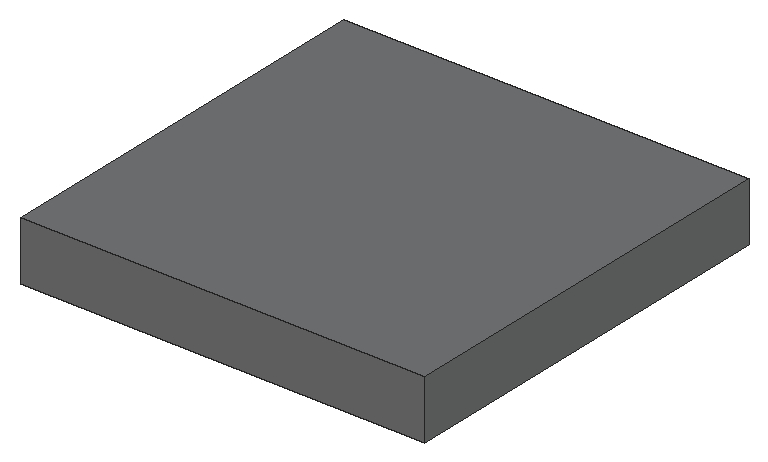
Revit family "Gira_028528", category Electrical Fixtures, host Face, Revit 2017
Family settings
  Host = Face
  Maintain Annotation Orientation = No
  Round Connector Dimension = Use Diameter
  Part Type = Normal
  Cut with Voids When Loaded = No
  Shared = No
  Room Calculation Point = No
Parameters (values of type "Rocker sym.light System 55 anthra.")
  With exchangeable lens/symbol = "No"
  URL = "http://katalog.gira.de/en/datenblatt.html?artikelnr=028528"
  Suitable for touch sensor connector for bus system = "No"
  Scannable symbol / barrier free = "No"
  Name = "Rocker sym.light System 55 anthra."
  Monitoring window/light outlet = "No"
  Model = "Single rocker"
  Manufacturer URL = "https://www.gira.de/"
  Manufacturer = "Gira"
  Keynote = ""
  HeinzeBIM = "https://bimportal.heinze.de/bim/rocker-sym-light-system-55-anthra-/a5a41d2bfbbfeb70343818744da5cbe27374b8bc"
  HAN = "028528"
  GTIN = "4010337285281"
  Description = "Rock.sym.light Sys55 AN,Rocker with symbol,Light,anthracite,"
  Default Elevation = 1219.2 mm
  Data sheet (1) = "https://katalog.gira.de/en/download.html?artikelnr=028528"
  Category = "Control element/cover plate for domestic switching devices"
  BIM (1) = "https://media.stage.bim.site/public/gira/36a6b08/Sys55_Abdeckung_Schalten und Tasten.rfa?public/gira/36a6b08/Sys55_Abdeckung_Schalten und Tasten.rfa"
  Available = "No"
  Anthrazit [instance] = Anthrazit
Reference planes
  plane 1 "Center (Front/Back)": y = 0
  plane 2: z = 0
  plane 3 "Center (Left/Right)": x = 0
Forms (mm)
  Extrusion 1, solid, material "Anthrazit" <- "Anthrazit", detail levels fine
    sketch origin (0, 0, 0) x (1, 0, 0) y (0, 1, 0)
      loop
        line (-27.5, 27.5) -> (-27.5, -27.5) -> (27.5, -27.5) -> (27.5, 27.5) -> (-27.5, 27.5)
    from 0 to 8
  Extrusion 2, void
    sketch origin (0, 0, 0) x (1, 0, 0) y (0, 1, 0)
      loop
        line (26, 26) -> (-26, 26) -> (-26, -26) -> (26, -26) -> (26, 26)
    from 0 to 6
  Extrusion 3, solid, material "Anthrazit" <- "Anthrazit", detail levels medium
    sketch origin (0, 0, 0) x (1, 0, 0) y (0, 1, 0)
      loop
        line (-27.5, 27.5) -> (-27.5, -27.5) -> (27.5, -27.5) -> (27.5, 27.5) -> (-27.5, 27.5)
    from 0 to 8
  Extrusion 4, solid, material "Anthrazit" <- "Anthrazit", detail levels medium
    sketch origin (0, 0, 0) x (1, 0, 0) y (0, 1, 0)
      loop
        line (11, -17.5) -> (11, 17.5) -> (-11, 17.5) -> (-11, -17.5) -> (11, -17.5)
    from -6 to 6
  Extrusion 5, solid, material "Anthrazit" <- "Anthrazit", detail levels fine
    sketch origin (0, 0, 0) x (1, 0, 0) y (0, 1, 0)
      loop
        line (11, 17.5) -> (-11, 17.5) -> (-11, 16.5) -> (11, 16.5) -> (11, 17.5)
      loop
        line (-11, -16.5) -> (-11, -17.5) -> (11, -17.5) -> (11, -16.5) -> (-11, -16.5)
    from -4 to 6
  Extrusion 6, solid, material "Anthrazit" <- "Anthrazit", detail levels fine
    sketch origin (0, 0, 0) x (1, 0, 0) y (0, 1, 0)
      loop
        arc (5, 9.347) -> (0, 10.6) -> (-5, 9.347) r 10.6
        line (-5, 9.347) -> (-5, -9.347)
        arc (-5, -9.347) -> (0, -10.6) -> (5, -9.347) r 10.6
        line (5, -9.347) -> (5, 9.347)
    from -6 to 6
  Extrusion 7, solid, material "Anthrazit" <- "Anthrazit", detail levels coarse
    sketch origin (0, 0, 0) x (1, 0, 0) y (0, 1, 0)
      loop
        line (-27.5, 27.5) -> (-27.5, -27.5) -> (27.5, -27.5) -> (27.5, 27.5) -> (-27.5, 27.5)
    from -6 to 8
Cuts and joins
  Extrusion 2 cuts Extrusion 1
Dimensions and locks
  aligned and locked: plane 2 to host face
  aligned and locked: level to host face
